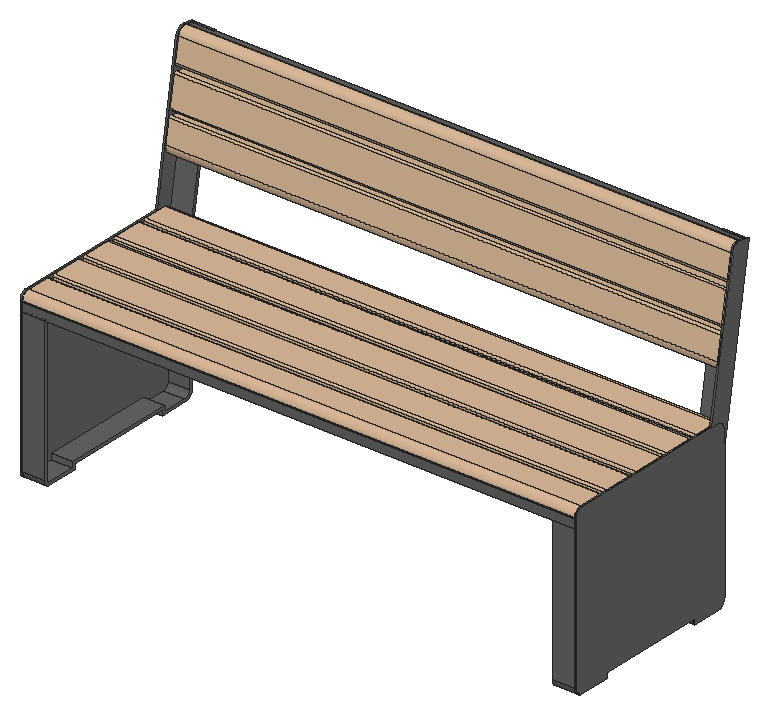
Revit family "1101-S-L", category Meble, Revit 2021
Family settings
  Numer OmniClass = 23.40.20.00
  Tytuł OmniClass = General Furniture and Specialties
  Oparty na płaszczyźnie roboczej = Nie
  Zawsze pionowo = Tak
  Tnij formami wycięć po wczytaniu = Nie
  Współdzielony = Nie
  Punkt obliczania pomieszczeń = Nie
Parameters (values of type "1101-S-L")
  wood = Mobilis Design Wood - Larch
  metal = Mobilis Design RAL 9004
  Width = "58 cm"
  Weight = "65 kg"
  URL = ""
  Seat height = "45 cm"
  Product line = "Centaurus"
  Product Groups = ""
  Manufacturer = ""
  Keynote = ""
  Description = ""
  Model = "1101-S-L"
  Material = ""
  Maintenance = ""
  Lenght = "150 cm"
  Type Comments = ""
  Mobilis Design Materials = ""
  Hosted on = ""
  Height = "86 cm"
  Domyślna rzędna = 0 mm
  Copyright = "All designs and drawings are the common intellectual property of Lars Laj A/S and Tress and are protected by Danish and international copyright laws."
Reference planes
  plane 1 "front": y = 0
  plane 2: z = 0
  plane 3 "Środek (Lewa/Prawa)": x = 0
  plane 4: x = 0
Forms (mm)
  Extrusion 1, solid, material "Mobilis Design Wood - Larch" <- "wood"
    sketch origin (0, -330.071, 21.46) x (0, 1, 0) y (0, 0, 1)
      loop
        arc (260.118, 430.04) -> (256.583, 428.576) -> (255.118, 425.04) r 5
        line (255.118, 425.04) -> (255.118, 388.972)
        arc (255.118, 388.972) -> (255.693, 387.586) -> (257.078, 387.012) r 1.96
        line (257.078, 387.012) -> (342.493, 387.012)
        arc (342.493, 387.012) -> (343.908, 387.598) -> (344.493, 389.012) r 2
        line (344.493, 389.012) -> (344.493, 425.04)
        arc (344.493, 425.04) -> (343.029, 428.576) -> (339.493, 430.04) r 5
        line (339.493, 430.04) -> (260.118, 430.04)
    from -745 to 745
  Extrusion 2, solid, material "Mobilis Design Wood - Larch" <- "wood"
    sketch origin (0, -432.52, 21.46) x (0, 1, 0) y (0, 0, 1)
      loop
        arc (260.118, 430.04) -> (256.583, 428.576) -> (255.118, 425.04) r 5
        line (255.118, 425.04) -> (255.118, 388.972)
        arc (255.118, 388.972) -> (255.693, 387.586) -> (257.078, 387.012) r 1.96
        line (257.078, 387.012) -> (342.493, 387.012)
        arc (342.493, 387.012) -> (343.908, 387.598) -> (344.493, 389.012) r 2
        line (344.493, 389.012) -> (344.493, 425.04)
        arc (344.493, 425.04) -> (343.029, 428.576) -> (339.493, 430.04) r 5
        line (339.493, 430.04) -> (260.118, 430.04)
    from -745 to 745
  Extrusion 3, solid, material "Mobilis Design Wood - Larch" <- "wood"
    sketch origin (0, -535.02, 21.46) x (0, 1, 0) y (0, 0, 1)
      loop
        arc (275.801, 430.04) -> (261.616, 424.165) -> (255.74, 409.979) r 20.061
        line (255.74, 409.979) -> (255.74, 407.796) -> (259.646, 407.796) -> (259.646, 387.842) -> (277.569, 387.842) -> (277.569, 387.013) -> (343.118, 387.013)
        arc (343.118, 387.013) -> (344.532, 387.598) -> (345.117, 389.012) r 1.999
        line (345.117, 389.012) -> (345.117, 425.043)
        arc (345.117, 425.043) -> (343.653, 428.577) -> (340.119, 430.04) r 4.998
        line (340.119, 430.04) -> (275.801, 430.04)
    from -745 to 745
  Extrusion 4, solid, material "Mobilis Design Wood - Larch" <- "wood"
    sketch origin (0, -227.52, 22.625) x (0, 1, 0) y (0, 0, 1)
      loop
        arc (260.118, 428.875) -> (256.583, 427.411) -> (255.118, 423.875) r 5
        line (255.118, 423.875) -> (255.118, 387.807)
        arc (255.118, 387.807) -> (255.693, 386.421) -> (257.078, 385.847) r 1.96
        line (257.078, 385.847) -> (342.493, 385.847)
        arc (342.493, 385.847) -> (343.908, 386.433) -> (344.493, 387.847) r 2
        line (344.493, 387.847) -> (344.493, 423.875)
        arc (344.493, 423.875) -> (343.029, 427.411) -> (339.493, 428.875) r 5
        line (339.493, 428.875) -> (260.118, 428.875)
    from -745 to 745
  Extrusion 5, solid, material "Mobilis Design Wood - Larch" <- "wood"
    sketch origin (0, 613.684, 450.045) x (0, 0.173648, 0.984808) y (0, -0.984808, 0.173648)
      loop
        arc (260.118, 430.036) -> (256.583, 428.571) -> (255.118, 425.036) r 5
        line (255.118, 425.036) -> (255.118, 389.305)
        arc (255.118, 389.305) -> (255.693, 387.919) -> (257.078, 387.345) r 1.96
        line (257.078, 387.345) -> (340.844, 387.345) -> (341.15, 404.888) -> (343.753, 404.888)
        arc (343.753, 404.888) -> (338.433, 422.457) -> (321.714, 430.036) r 22.231
        line (321.714, 430.036) -> (260.118, 430.036)
    from -745 to 745
  Extrusion 6, solid, material "Mobilis Design Wood - Larch" <- "wood"
    sketch origin (0, 595.612, 348.398) x (0, 0.173648, 0.984808) y (0, -0.984808, 0.173648)
      loop
        arc (260.118, 429.703) -> (256.583, 428.239) -> (255.118, 424.703) r 5
        line (255.118, 424.703) -> (255.118, 388.972)
        arc (255.118, 388.972) -> (255.693, 387.586) -> (257.078, 387.012) r 1.96
        line (257.078, 387.012) -> (342.493, 387.012)
        arc (342.493, 387.012) -> (343.908, 387.598) -> (344.493, 389.012) r 2
        line (344.493, 389.012) -> (344.493, 424.703)
        arc (344.493, 424.703) -> (343.029, 428.239) -> (339.493, 429.703) r 5
        line (339.493, 429.703) -> (260.118, 429.703)
    from -745 to 745
  Extrusion 7, solid, material "Mobilis Design RAL 9004" <- "metal"
    sketch origin (1495.378, -330.04, 0) x (0, -1, 0) y (0, 0, 1)
      loop
        line (-71.187, 451.5) -> (-526.545, 451.5)
        arc (-526.545, 451.5) -> (-542.168, 445.029) -> (-548.638, 429.407) r 22.093
        line (-548.638, 429.407) -> (-548.638, 21.615)
        arc (-548.638, 21.615) -> (-542.307, 6.331) -> (-527.023, 0) r 21.615
        line (-527.023, 0) -> (-448.638, 0) -> (-448.638, 15) -> (-153.638, 15) -> (-153.638, 0) -> (-69.418, 0)
        arc (-69.418, 0) -> (-56.527, 5.34) -> (-51.187, 18.231) r 18.231
        line (-51.187, 18.231) -> (-51.187, 431.5)
        arc (-51.187, 431.5) -> (-57.045, 445.642) -> (-71.187, 451.5) r 20
    from 750.378 to 745
  Extrusion 8, solid, material "Mobilis Design RAL 9004" <- "metal"
    sketch origin (1495.378, -330.04, 0) x (0, -1, 0) y (0, 0, 1)
      loop
        line (-548.638, 396.844) -> (-548.638, 429.407)
        arc (-548.638, 429.407) -> (-542.168, 445.029) -> (-526.545, 451.5) r 22.093
        line (-526.545, 451.5) -> (-507.306, 451.5) -> (-576.082, 841.547)
        arc (-576.082, 841.547) -> (-585.224, 855.898) -> (-601.836, 859.581) r 22.232
        line (-601.836, 859.581) -> (-629.375, 854.725) -> (-548.638, 396.844)
    from 745 to 750.378
  Extrusion 9, solid, material "Mobilis Design RAL 9004" <- "metal", not visible
    sketch origin (0, -500, 0) x (0, 1, 0) y (0, 0, 1)
      loop
        arc (571.187, 451.5) -> (557.045, 445.642) -> (551.187, 431.5) r 20
        line (551.187, 431.5) -> (551.187, 18.231)
        arc (551.187, 18.231) -> (556.527, 5.34) -> (569.418, 0) r 18.231
        line (569.418, 0) -> (653.638, 0) -> (653.638, 15) -> (948.638, 15) -> (948.638, 0) -> (1027.023, 0)
        arc (1027.023, 0) -> (1042.307, 6.331) -> (1048.638, 21.615) r 21.615
        line (1048.638, 21.615) -> (1048.638, 429.407)
        arc (1048.638, 429.407) -> (1042.168, 445.029) -> (1026.545, 451.5) r 22.093
        line (1026.545, 451.5) -> (571.187, 451.5)
    from 750.378 to 745
  Extrusion 10, solid, material "Mobilis Design RAL 9004" <- "metal", not visible
    sketch origin (0, -500, 0) x (0, 1, 0) y (0, 0, 1)
      loop
        line (1048.638, 396.844) -> (1129.375, 854.725) -> (1101.836, 859.581)
        arc (1101.836, 859.581) -> (1085.224, 855.898) -> (1076.082, 841.547) r 22.232
        line (1076.082, 841.547) -> (1007.306, 451.5) -> (1026.545, 451.5)
        arc (1026.545, 451.5) -> (1042.168, 445.029) -> (1048.638, 429.407) r 22.093
        line (1048.638, 429.407) -> (1048.638, 396.844)
    from 745 to 750.378
  Extrusion 11, solid, material "Mobilis Design RAL 9004" <- "metal"
    sketch origin (0, -330.04, 0) x (0, -1, 0) y (0, 0, 1)
      loop
        line (-71.187, 451.5) -> (-526.545, 451.5)
        arc (-526.545, 451.5) -> (-542.168, 445.029) -> (-548.638, 429.407) r 22.093
        line (-548.638, 429.407) -> (-548.638, 21.615)
        arc (-548.638, 21.615) -> (-542.307, 6.331) -> (-527.023, 0) r 21.615
        line (-527.023, 0) -> (-448.638, 0) -> (-448.638, 15) -> (-153.638, 15) -> (-153.638, 0) -> (-69.418, 0)
        arc (-69.418, 0) -> (-56.527, 5.34) -> (-51.187, 18.231) r 18.231
        line (-51.187, 18.231) -> (-51.187, 431.5)
        arc (-51.187, 431.5) -> (-57.045, 445.642) -> (-71.187, 451.5) r 20
    from 750.378 to 745
  Extrusion 12, solid, material "Mobilis Design RAL 9004" <- "metal"
    sketch origin (0, -330.04, 0) x (0, -1, 0) y (0, 0, 1)
      loop
        line (-548.638, 396.844) -> (-548.638, 429.407)
        arc (-548.638, 429.407) -> (-542.168, 445.029) -> (-526.545, 451.5) r 22.093
        line (-526.545, 451.5) -> (-507.306, 451.5) -> (-576.082, 841.547)
        arc (-576.082, 841.547) -> (-585.224, 855.898) -> (-601.836, 859.581) r 22.232
        line (-601.836, 859.581) -> (-629.375, 854.725) -> (-548.638, 396.844)
    from 745 to 750.378
  Extrusion 13, solid, material "Mobilis Design RAL 9004" <- "metal"
    sketch origin (0, -330.04, 0) x (0, 1, 0) y (0, 0, 1)
      loop
        line (548.638, 396.844) -> (629.375, 854.725) -> (621.989, 856.027) -> (543.073, 408.472) -> (51.187, 408.472) -> (51.187, 18.763)
        arc (51.187, 18.763) -> (56.683, 5.495) -> (69.95, 0) r 18.763
        line (69.95, 0) -> (153.638, 0) -> (153.638, 15) -> (448.638, 15) -> (448.638, 0) -> (525.342, 0)
        arc (525.342, 0) -> (541.815, 6.823) -> (548.638, 23.296) r 23.296
        line (548.638, 23.296) -> (548.638, 396.844)
      loop
        line (58.687, 400.262) -> (58.687, 18.763)
        arc (58.687, 18.763) -> (61.986, 10.799) -> (69.95, 7.5) r 11.263
        line (69.95, 7.5) -> (146.138, 7.5) -> (146.138, 22.5) -> (456.138, 22.5) -> (456.138, 7.5) -> (525.342, 7.5)
        arc (525.342, 7.5) -> (536.512, 12.127) -> (541.138, 23.296) r 15.796
        line (541.138, 23.296) -> (541.138, 400.262) -> (58.687, 400.262)
    from -745 to -685
  Extrusion 14, solid, material "Mobilis Design RAL 9004" <- "metal"
    sketch origin (0, -330.04, 0) x (0, 1, 0) y (0, 0, -1)
      loop
        line (548.638, -396.844) -> (548.638, -23.296)
        arc (548.638, -23.296) -> (541.815, -6.823) -> (525.342, 0) r 23.296
        line (525.342, 0) -> (448.638, 0) -> (448.638, -15) -> (153.638, -15) -> (153.638, 0) -> (69.95, 0)
        arc (69.95, 0) -> (56.683, -5.495) -> (51.187, -18.763) r 18.763
        line (51.187, -18.763) -> (51.187, -408.472) -> (543.073, -408.472) -> (621.989, -856.027) -> (629.375, -854.725) -> (548.638, -396.844)
      loop
        line (58.687, -400.262) -> (541.138, -400.262) -> (541.138, -23.296)
        arc (541.138, -23.296) -> (536.512, -12.127) -> (525.342, -7.5) r 15.796
        line (525.342, -7.5) -> (456.138, -7.5) -> (456.138, -22.5) -> (146.138, -22.5) -> (146.138, -7.5) -> (69.95, -7.5)
        arc (69.95, -7.5) -> (61.986, -10.799) -> (58.687, -18.763) r 11.263
        line (58.687, -18.763) -> (58.687, -400.262)
    from -745 to -685
  Extrusion 15, solid, material "Mobilis Design RAL 9004" <- "metal"
    sketch origin (0, -330.236, -14.465) x (0, 1, 0) y (0, 0, 1)
      loop
        line (577.265, 587.118) -> (621.34, 837.074) -> (618.728, 837.535) -> (574.654, 587.578) -> (577.265, 587.118)
      loop
        line (528.827, 422.937) -> (71.768, 422.937) -> (71.768, 419.398) -> (528.827, 419.398) -> (528.827, 422.937)
    from 38.106 to -28.886
  Extrusion 16, solid, material "Mobilis Design RAL 9004" <- "metal"
    sketch origin (0, -330.04, 0) x (0, 1, 0) y (0, 0, 1)
      loop
        line (624.848, 855.34) -> (604.709, 859.052) -> (604.207, 856.208) -> (621.46, 853.027) -> (618.538, 836.456) -> (621.274, 835.952) -> (624.848, 855.34)
    from -745 to 745
  Extrusion 17, solid, material "Mobilis Design RAL 9004" <- "metal"
    sketch origin (0, -731.501, 877.763) x (0, 0.170995, -0.985272) y (0, 0.985272, 0.170995)
      loop
        line (628.241, 854.753) -> (604.672, 858.844) -> (604.176, 856.027) -> (624.266, 852.541) -> (621.421, 836.147) -> (624.907, 835.542) -> (628.241, 854.753)
    from -745 to 745
  Extrusion 18, solid, material "Mobilis Design RAL 9004" <- "metal"
    sketch origin (0, 181.166, 1362.421) x (0, -0.983564, -0.180562) y (0, 0.180562, -0.983564)
      loop
        line (625.343, 858.688) -> (605.294, 862.369) -> (604.655, 858.888) -> (621.934, 855.716) -> (618.325, 835.249) -> (621.052, 834.746) -> (625.343, 858.688)
    from -745 to 745
  Extrusion 19, solid, material "Mobilis Design Wood - Larch" <- "wood"
    sketch origin (0, 474.175, 21.46) x (0, -1, 0) y (0, 0, -1)
      loop
        line (275.801, -430.04) -> (340.119, -430.04)
        arc (340.119, -430.04) -> (343.653, -428.577) -> (345.117, -425.043) r 4.998
        line (345.117, -425.043) -> (345.117, -389.012)
        arc (345.117, -389.012) -> (344.532, -387.598) -> (343.118, -387.013) r 1.999
        line (343.118, -387.013) -> (277.569, -387.013) -> (277.569, -387.928) -> (259.646, -387.928) -> (259.646, -407.796) -> (255.74, -407.796) -> (255.74, -409.979)
        arc (255.74, -409.979) -> (261.616, -424.165) -> (275.801, -430.04) r 20.061
    from -745 to 745
  Extrusion 20, solid, material "Mobilis Design Wood - Larch" <- "wood"
    sketch origin (0, 682.568, 839.607) x (0, -0.173648, -0.984808) y (0, 0.984808, -0.173648)
      loop
        line (260.118, -430.036) -> (321.714, -430.036)
        arc (321.714, -430.036) -> (338.433, -422.457) -> (343.753, -404.888) r 22.231
        line (343.753, -404.888) -> (341.15, -404.888) -> (340.844, -387.345) -> (257.078, -387.345)
        arc (257.078, -387.345) -> (255.693, -387.919) -> (255.118, -389.305) r 1.96
        line (255.118, -389.305) -> (255.118, -425.036)
        arc (255.118, -425.036) -> (256.583, -428.571) -> (260.118, -430.036) r 5
    from -745 to 745
  Extrusion 21, solid, material "Mobilis Design RAL 9004" <- "metal"
    sketch origin (0, -63.062, 1581.601) x (0, 0.943925, -0.330161) y (0, 0.330161, 0.943925)
      loop
        line (624.848, -855.34) -> (621.274, -835.952) -> (618.538, -836.456) -> (621.46, -853.027) -> (604.207, -856.208) -> (604.709, -859.052) -> (624.848, -855.34)
    from -745 to 745
Dimensions and locks
  Extrusion 1 sketch curve to Extrusion 1 sketch curve = 89.375 mm
  Extrusion 1 sketch curve to Extrusion 1 sketch curve = 43.028 mm
  Extrusion 2 sketch curve to Extrusion 2 sketch curve = 89.375 mm
  Extrusion 2 sketch curve to Extrusion 2 sketch curve = 43.028 mm
  Extrusion 3 sketch curve to Extrusion 3 sketch curve = 43.028 mm
  Extrusion 4 sketch curve to Extrusion 4 sketch curve = 89.375 mm
  Extrusion 4 sketch curve to Extrusion 4 sketch curve = 43.028 mm
  Extrusion 5 sketch curve to Extrusion 5 sketch curve = 42.691 mm
  Extrusion 6 sketch curve to Extrusion 6 sketch curve = 89.375 mm
  Extrusion 6 sketch curve to Extrusion 6 sketch curve = 42.691 mm
  Extrusion 19 sketch curve to Extrusion 19 sketch curve = 43.028 mm
  Extrusion 20 sketch curve to Extrusion 20 sketch curve = 42.691 mm
  aligned and locked: level to plane 2
  aligned and locked: Extrusion 7 to Extrusion 8
  aligned and locked: Extrusion 11 to Extrusion 12
